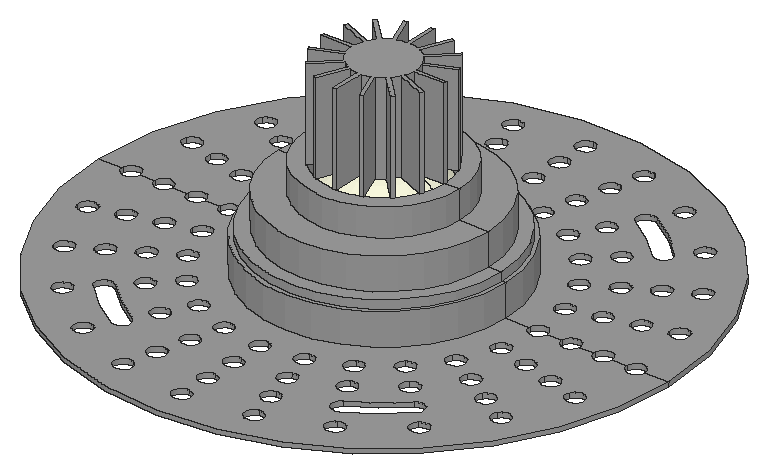
Revit family "Alcon-14074-RF-Revit-Family", category Lighting Fixtures, host Ceiling, Revit 2021
Family settings
  Host = Ceiling
  Round Connector Dimension = Use Diameter
  Part Type = Normal
  Always vertical = Yes
  Cut with Voids When Loaded = No
  Light Source = Yes
  Shared = No
  Room Calculation Point = No
Parameters
  Wattage = 9.2903 W
  built-in parameter 1150110 = 1 (stored number, unit not read)
  built-in parameter 1114217 = 1 (stored number, unit not read)
  Tilt Angle = 60.00°
  built-in parameter 1150109 = 1 (stored number, unit not read)
  built-in parameter 1150134 = 3
  built-in parameter 1150113 = 1 (stored number, unit not read)
  built-in parameter 1010507 = 1.5708 (stored number, unit not read)
  built-in parameter 1010506 = 0.5236 (stored number, unit not read)
  Product Identity = "Alcon Light 14074-RF"
  Mud Ring = Default
  Manufacturer = "Alcon Light"
  built-in parameter 1150105 = 4614.1 (stored number, unit not read)
  Lumens = 1380 lm
  built-in parameter 1150115 = 1 (stored number, unit not read)
  Link To Product Page = "https://www.alconlighting.com/14074-rf.html"
  Light Source Symbol Length = 10' - 0"
  Light Source = Light Source
  built-in parameter 1150137 = (empty or 0)
  built-in parameter 1150139 = (empty or 0)
  Lens = Glass
  built-in parameter 1150112 = 1 (stored number, unit not read)
  built-in parameter 1150114 = 1 (stored number, unit not read)
  built-in parameter 1150132 = (empty or 0)
  built-in parameter 1150102 = (empty or 0)
  built-in parameter 1150107 = 3200 (stored number, unit not read)
  built-in parameter 1150138 = (empty or 0)
  built-in parameter 1150106 = 46.141 (stored number, unit not read)
  Housing = Default
  built-in parameter 1150104 = 13.8 (stored number, unit not read)
  Dimming Lamp Color Temperature Shift = (empty or 0)
  Default Elevation = 0' - 0"
  Color Filter = 16777215
  built-in parameter 1114218 = 1 (stored number, unit not read)
  built-in parameter 1150133 = 10 (stored number, unit not read)
Reference planes (in)
  plane 1 "Center (Front/Back)": y = 0
  plane 2 "Ceiling": z = 96
  plane 3 "Center (Left/Right)": x = 0
Forms (in)
  Revolve 1, solid, material "Default" <- "Housing"
    sketch origin (0, 0, 96) x (1, 0, 0) y (0, 0, 1)
      loop
        line (1.625, 0) -> (1.625, 0.67578) -> (1.44747, 0.67578) -> (1.44747, 1.11374) -> (1.0481, 1.11374) -> (1.0481, 1.5) -> (0.84698, 1.5) -> (0.84698, 1.02963)
        arc (0.84698, 1.02963) -> (1.35002, 0.62438) -> (1.51563, 0) r 1.03713
        line (1.51563, 0) -> (1.625, 0)
      axis (0, 0) -> (0, 1.5)
    angle from 0 to 360
  Extrusion 2, solid, material "Default" <- "Housing"
    sketch origin (0, 0, 36.63839) x (1, 0, 0) y (0, 1, 0)
      loop
        arc (-0.30261, 0.79108) -> (-0.32412, 0.78251) -> (-0.3454, 0.77335) r 0.84698
        line (-0.3454, 0.77335) -> (-0.18658, 0.38993)
        arc (-0.18658, 0.38993) -> (-0.24016, 0.35942) -> (-0.28885, 0.3216) r 0.43227
        line (-0.28885, 0.3216) -> (-0.5823, 0.61506)
        arc (-0.5823, 0.61506) -> (-0.5989, 0.5989) -> (-0.61506, 0.5823) r 0.84698
        line (-0.61506, 0.5823) -> (-0.3216, 0.28885)
        arc (-0.3216, 0.28885) -> (-0.35942, 0.24016) -> (-0.38993, 0.18658) r 0.43227
        line (-0.38993, 0.18658) -> (-0.77335, 0.3454)
        arc (-0.77335, 0.3454) -> (-0.78251, 0.32412) -> (-0.79108, 0.30261) r 0.84698
        line (-0.79108, 0.30261) -> (-0.40765, 0.14379)
        arc (-0.40765, 0.14379) -> (-0.42396, 0.08433) -> (-0.43165, 0.02316) r 0.43227
        line (-0.43165, 0.02316) -> (-0.84666, 0.02316)
        arc (-0.84666, 0.02316) -> (-0.84698, 0) -> (-0.84666, -0.02316) r 0.84698
        line (-0.84666, -0.02316) -> (-0.43165, -0.02316)
        arc (-0.43165, -0.02316) -> (-0.42396, -0.08433) -> (-0.40765, -0.14379) r 0.43227
        line (-0.40765, -0.14379) -> (-0.79108, -0.30261)
        arc (-0.79108, -0.30261) -> (-0.78251, -0.32412) -> (-0.77335, -0.3454) r 0.84698
        line (-0.77335, -0.3454) -> (-0.38993, -0.18658)
        arc (-0.38993, -0.18658) -> (-0.35942, -0.24016) -> (-0.3216, -0.28885) r 0.43227
        line (-0.3216, -0.28885) -> (-0.61506, -0.5823)
        arc (-0.61506, -0.5823) -> (-0.5989, -0.5989) -> (-0.5823, -0.61506) r 0.84698
        line (-0.5823, -0.61506) -> (-0.28885, -0.3216)
        arc (-0.28885, -0.3216) -> (-0.24016, -0.35942) -> (-0.18658, -0.38993) r 0.43227
        line (-0.18658, -0.38993) -> (-0.3454, -0.77335)
        arc (-0.3454, -0.77335) -> (-0.32412, -0.78251) -> (-0.30261, -0.79108) r 0.84698
        line (-0.30261, -0.79108) -> (-0.14379, -0.40765)
        arc (-0.14379, -0.40765) -> (-0.08433, -0.42396) -> (-0.02316, -0.43165) r 0.43227
        line (-0.02316, -0.43165) -> (-0.02316, -0.84666)
        arc (-0.02316, -0.84666) -> (0, -0.84698) -> (0.02316, -0.84666) r 0.84698
        line (0.02316, -0.84666) -> (0.02316, -0.43165)
        arc (0.02316, -0.43165) -> (0.08433, -0.42396) -> (0.14379, -0.40765) r 0.43227
        line (0.14379, -0.40765) -> (0.30261, -0.79108)
        arc (0.30261, -0.79108) -> (0.32412, -0.78251) -> (0.3454, -0.77335) r 0.84698
        line (0.3454, -0.77335) -> (0.18658, -0.38993)
        arc (0.18658, -0.38993) -> (0.24016, -0.35942) -> (0.28885, -0.3216) r 0.43227
        line (0.28885, -0.3216) -> (0.5823, -0.61506)
        arc (0.5823, -0.61506) -> (0.5989, -0.5989) -> (0.61506, -0.5823) r 0.84698
        line (0.61506, -0.5823) -> (0.3216, -0.28885)
        arc (0.3216, -0.28885) -> (0.35942, -0.24016) -> (0.38993, -0.18658) r 0.43227
        line (0.38993, -0.18658) -> (0.77335, -0.3454)
        arc (0.77335, -0.3454) -> (0.78251, -0.32412) -> (0.79108, -0.30261) r 0.84698
        line (0.79108, -0.30261) -> (0.40765, -0.14379)
        arc (0.40765, -0.14379) -> (0.42396, -0.08433) -> (0.43165, -0.02316) r 0.43227
        line (0.43165, -0.02316) -> (0.84666, -0.02316)
        arc (0.84666, -0.02316) -> (0.84698, 0) -> (0.84666, 0.02316) r 0.84698
        line (0.84666, 0.02316) -> (0.43165, 0.02316)
        arc (0.43165, 0.02316) -> (0.42396, 0.08433) -> (0.40765, 0.14379) r 0.43227
        line (0.40765, 0.14379) -> (0.79108, 0.30261)
        arc (0.79108, 0.30261) -> (0.78251, 0.32412) -> (0.77335, 0.3454) r 0.84698
        line (0.77335, 0.3454) -> (0.38993, 0.18658)
        arc (0.38993, 0.18658) -> (0.35942, 0.24016) -> (0.3216, 0.28885) r 0.43227
        line (0.3216, 0.28885) -> (0.61506, 0.5823)
        arc (0.61506, 0.5823) -> (0.5989, 0.5989) -> (0.5823, 0.61506) r 0.84698
        line (0.5823, 0.61506) -> (0.28885, 0.3216)
        arc (0.28885, 0.3216) -> (0.24016, 0.35942) -> (0.18658, 0.38993) r 0.43227
        line (0.18658, 0.38993) -> (0.3454, 0.77335)
        arc (0.3454, 0.77335) -> (0.32412, 0.78251) -> (0.30261, 0.79108) r 0.84698
        line (0.30261, 0.79108) -> (0.14379, 0.40765)
        arc (0.14379, 0.40765) -> (0.08433, 0.42396) -> (0.02316, 0.43165) r 0.43227
        line (0.02316, 0.43165) -> (0.02316, 0.84666)
        arc (0.02316, 0.84666) -> (0, 0.84698) -> (-0.02316, 0.84666) r 0.84698
        line (-0.02316, 0.84666) -> (-0.02316, 0.43165)
        arc (-0.02316, 0.43165) -> (-0.08433, 0.42396) -> (-0.14379, 0.40765) r 0.43227
        line (-0.14379, 0.40765) -> (-0.30261, 0.79108)
    from 60.86161 to 62.11161
  Extrusion 3, void
    sketch origin (0, 0, 96) x (1, 0, 0) y (0, 1, 0)
      loop
        circle (0, 0) r 1.625
    from -0.09612 to 0.67578
  Revolve 4, solid, material "Light Source" <- "Light Source"
    sketch origin (0, 0, 0) x (1, 0, 0) y (0, 0, 1)
      loop
        line (0, 97.02963) -> (0.84698, 97.02963)
        arc (0.84698, 97.02963) -> (0.66233, 97.36612) -> (0.30261, 97.5) r 0.55019
        line (0.30261, 97.5) -> (0, 97.5) -> (0, 97.02963)
      axis (0, 97.5) -> (0, 97.02963)
    angle from 0 to 360
  Extrusion 5, void
    sketch origin (0, 0, 96) x (1, 0, 0) y (0, 1, 0)
      loop
        circle (0, -2.1375) r 0.125
      loop
        circle (0, -2.5875) r 0.125
      loop
        circle (0, -3.0375) r 0.125
      loop
        circle (0, -3.4875) r 0.125
      loop
        circle (-0.55323, 2.06467) r 0.125
      loop
        circle (-0.66969, 2.49933) r 0.125
      loop
        circle (-0.78616, 2.934) r 0.125
      loop
        circle (-0.90263, 3.36867) r 0.125
      loop
        circle (0, 2.1375) r 0.125
      loop
        circle (0, 2.5875) r 0.125
      loop
        circle (0, 3.0375) r 0.125
      loop
        circle (0, 3.4875) r 0.125
      loop
        circle (0.55323, 2.06467) r 0.125
      loop
        circle (0.66969, 2.49933) r 0.125
      loop
        circle (0.78616, 2.934) r 0.125
      loop
        circle (0.90263, 3.36867) r 0.125
      loop
        circle (-0.55323, -2.06467) r 0.125
      loop
        circle (-0.66969, -2.49933) r 0.125
      loop
        circle (-0.78616, -2.934) r 0.125
      loop
        circle (-0.90263, -3.36867) r 0.125
      loop
        circle (0.55323, -2.06467) r 0.125
      loop
        circle (0.66969, -2.49933) r 0.125
      loop
        circle (0.78616, -2.934) r 0.125
      loop
        circle (0.90263, -3.36867) r 0.125
      loop
        circle (2.1375, 0) r 0.125
      loop
        circle (2.5875, 0) r 0.125
      loop
        circle (3.0375, 0) r 0.125
      loop
        circle (3.4875, 0) r 0.125
      loop
        circle (-2.06467, -0.55323) r 0.125
      loop
        circle (-2.49933, -0.66969) r 0.125
      loop
        circle (-2.934, -0.78616) r 0.125
      loop
        circle (-3.36867, -0.90263) r 0.125
      loop
        circle (-2.1375, 0) r 0.125
      loop
        circle (-2.5875, 0) r 0.125
      loop
        circle (-3.0375, 0) r 0.125
      loop
        circle (-3.4875, 0) r 0.125
      loop
        circle (-2.06467, 0.55323) r 0.125
      loop
        circle (-2.49933, 0.66969) r 0.125
      loop
        circle (-2.934, 0.78616) r 0.125
      loop
        circle (-3.36867, 0.90263) r 0.125
      loop
        circle (2.06467, -0.55323) r 0.125
      loop
        circle (2.49933, -0.66969) r 0.125
      loop
        circle (2.934, -0.78616) r 0.125
      loop
        circle (3.36867, -0.90263) r 0.125
      loop
        circle (2.06467, 0.55323) r 0.125
      loop
        circle (2.49933, 0.66969) r 0.125
      loop
        circle (2.934, 0.78616) r 0.125
      loop
        circle (3.36867, 0.90263) r 0.125
      loop
        circle (1.51144, -1.51144) r 0.125
      loop
        circle (1.82964, -1.82964) r 0.125
      loop
        circle (2.46603, -2.46603) r 0.125
      loop
        circle (-1.85113, 1.06875) r 0.125
      loop
        circle (-2.24084, 1.29375) r 0.125
      loop
        circle (-2.63055, 1.51875) r 0.125
      loop
        circle (-3.02026, 1.74375) r 0.125
      loop
        circle (-1.51144, 1.51144) r 0.125
      loop
        circle (-1.82964, 1.82964) r 0.125
      loop
        arc (-2.23623, 2.23623) -> (-2.23623, 2.05945) -> (-2.05945, 2.05945) r 0.125
        arc (-2.05945, 2.05945) -> (-1.77302, 2.31064) -> (-1.45625, 2.5223) r 2.9125
        arc (-1.45625, 2.5223) -> (-1.4105, 2.69305) -> (-1.58125, 2.73881) r 0.125
        arc (-1.58125, 2.73881) -> (-1.92521, 2.50898) -> (-2.23623, 2.23623) r 3.1625
      loop
        circle (-2.46603, 2.46603) r 0.125
      loop
        circle (-1.06875, 1.85113) r 0.125
      loop
        circle (-1.29375, 2.24084) r 0.125
      loop
        circle (-1.74375, 3.02026) r 0.125
      loop
        circle (1.06875, -1.85113) r 0.125
      loop
        circle (1.29375, -2.24084) r 0.125
      loop
        circle (1.74375, -3.02026) r 0.125
      loop
        circle (1.85113, -1.06875) r 0.125
      loop
        circle (2.24084, -1.29375) r 0.125
      loop
        circle (2.63055, -1.51875) r 0.125
      loop
        circle (3.02026, -1.74375) r 0.125
      loop
        circle (1.51144, 1.51144) r 0.125
      loop
        circle (1.82964, 1.82964) r 0.125
      loop
        arc (2.23623, 2.23623) -> (1.92521, 2.50898) -> (1.58125, 2.73881) r 3.1625
        arc (1.58125, 2.73881) -> (1.4105, 2.69305) -> (1.45625, 2.5223) r 0.125
        arc (1.45625, 2.5223) -> (1.77302, 2.31064) -> (2.05945, 2.05945) r 2.9125
        arc (2.05945, 2.05945) -> (2.23623, 2.05945) -> (2.23623, 2.23623) r 0.125
      loop
        circle (2.46603, 2.46603) r 0.125
      loop
        circle (-1.06875, -1.85113) r 0.125
      loop
        circle (-1.29375, -2.24084) r 0.125
      loop
        circle (-1.74375, -3.02026) r 0.125
      loop
        circle (-1.51144, -1.51144) r 0.125
      loop
        circle (-1.82964, -1.82964) r 0.125
      loop
        circle (-2.46603, -2.46603) r 0.125
      loop
        circle (-1.85113, -1.06875) r 0.125
      loop
        circle (-2.24084, -1.29375) r 0.125
      loop
        circle (-2.63055, -1.51875) r 0.125
      loop
        circle (-3.02026, -1.74375) r 0.125
      loop
        circle (1.85113, 1.06875) r 0.125
      loop
        circle (2.24084, 1.29375) r 0.125
      loop
        circle (2.63055, 1.51875) r 0.125
      loop
        circle (3.02026, 1.74375) r 0.125
      loop
        circle (1.06875, 1.85113) r 0.125
      loop
        circle (1.29375, 2.24084) r 0.125
      loop
        circle (1.74375, 3.02026) r 0.125
      loop
        arc (-2.23623, -2.23623) -> (-1.92521, -2.50898) -> (-1.58125, -2.73881) r 3.1625
        arc (-1.58125, -2.73881) -> (-1.4105, -2.69305) -> (-1.45625, -2.5223) r 0.125
        arc (-1.45625, -2.5223) -> (-1.77302, -2.31064) -> (-2.05945, -2.05945) r 2.9125
        arc (-2.05945, -2.05945) -> (-2.23623, -2.05945) -> (-2.23623, -2.23623) r 0.125
      loop
        arc (2.23623, -2.23623) -> (2.23623, -2.05945) -> (2.05945, -2.05945) r 0.125
        arc (2.05945, -2.05945) -> (1.77302, -2.31064) -> (1.45625, -2.5223) r 2.9125
        arc (1.45625, -2.5223) -> (1.4105, -2.69305) -> (1.58125, -2.73881) r 0.125
        arc (1.58125, -2.73881) -> (1.92521, -2.50898) -> (2.23623, -2.23623) r 3.1625
    from 0.0625 to 0.125
  Revolve 6, solid, material "Default" <- "Mud Ring"
    sketch origin (0, 0, 0) x (1, 0, 0) y (0, 0, 1)
      loop
        line (1.625, 96) -> (1.6875, 96) -> (1.6875, 96.0625) -> (3.9375, 96.0625) -> (3.9375, 96.125) -> (1.6875, 96.125) -> (1.6875, 96.5625) -> (1.625, 96.5625) -> (1.625, 96)
      axis (0, 96.5625) -> (0, 96)
    angle from 0 to 360
Cuts and joins
  Extrusion 5 cuts Revolve 6
Dimensions and locks (in)
  equal spacing: host sketch curve, plane 3 "Center (Left/Right)", host sketch curve
  equal spacing: host sketch curve, plane 1 "Center (Front/Back)", host sketch curve
  host sketch curve to host sketch curve = 10' - 0"  (x2)
  Revolve 1 to Revolve 1 = 0' - 3 1/4"
